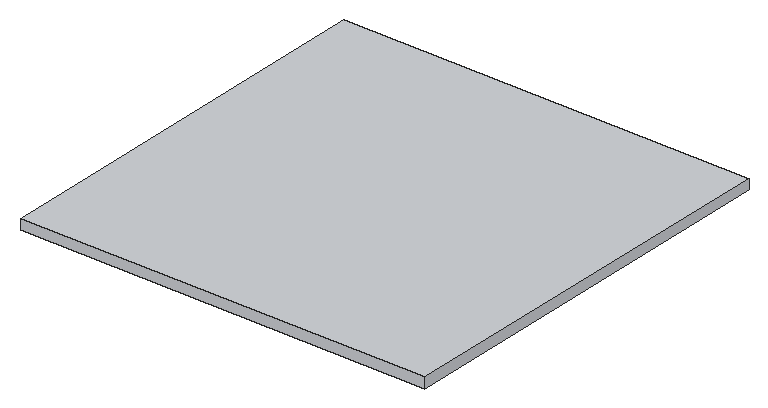
Revit family "90901", category Aparatos sanitarios, Revit 2017
Family settings
  Anfitrión = Cara
  Cota de conector redondo = Diámetro de uso
  Tipo de pieza = Normal
  Número OmniClass = 23.45.55.14
  Título OmniClass = Single Faucets
  Corte con vacíos al cargar = No
  Compartido = No
  Punto de cálculo de habitación = No
Parameters (values of type "90901")
  URL = "http://www.griferiasgalindo.com"
  Teléfono = "(+34) 915 782 575"
  TIPO DE AGUA = "Fria"
  REFERENCIA = "90901"
  Presión Máxima = "Max. 8 bar"
  PESO BRUTO = "1,180 Kg."
  Modelo = "PRESTO XT 2000 - L ECO Blanco"
  Material = LATON CROMADO
  Imagen de tipo = <Ninguno>
  Fabricante = "PRESTO IBÉRICA"
  Default Elevation = 1219.2 mm
  ENTRADA = "Macho 1/2\""
  Descripción = "Grifo temporizado de un agua para instalación sobre repisa y apertura por pulsador."
  Código de montaje = "C1030220"
  Contacto = "info@prestoiberica.com"
  Conexión AF = yes
  Conexión AC = no
  Comentarios de tipo = "Pulsador en latón cromado y cuerpo en pintura de alta resistencia. Piezas interiores en matieriales resistentes a la corrosión e incrustaciones calcáreas. Cabeza intercambiable. Suministrador con arandela, junta y tuerca de fijación. Entrada macho de  1/2\". Aireador oculto y regulador de caudal."
  CIERRE = "Automáticon en 10 seg."
  CAUDAL = "5 l/min"
  Accionamiento = "Mediante pulsador"
Reference planes
  plane 1 "Centro (Frontal/Posterior)": y = 0
  plane 2: z = 0
  plane 3 "Centro (Izquierda/Derecha)": x = 0
Forms (mm)
  Extrusion 1, solid
    sketch origin (0, 0, 0) x (1, 0, 0) y (0, 1, 0)
      loop
        line (-100, 100) -> (-100, -100) -> (100, -100) -> (100, 100) -> (-100, 100)
    from 0 to -5
Dimensions and locks
  Extrusion 1 sketch curve to plane 1 "Centro (Frontal/Posterior)" = 100 mm
  aligned and locked: plane 2 to Extrusion 1
  aligned and locked: level to Extrusion 1
Connectors
  piping at (0, 3.5, -48.5), diameter 12.7
    settings: on import instance, index 1, connector inside diameter 609.6 mm, connector length 0 mm, flow factor 0, pipe flow 0.0 L/s, pressure drop 0.0 Pa, fitting loss kfactor 0, connector angle 0.00°, fixture units 0, engagement length 0 mm, angle of deflection 0.00°, flow configuration 0, flow direction 1, fitting loss method 0, system type 20, joint type 0, gender type 0, connector reference index -1, connector utility 0, adjustable connector no, is connector primary yes, connector description ""
